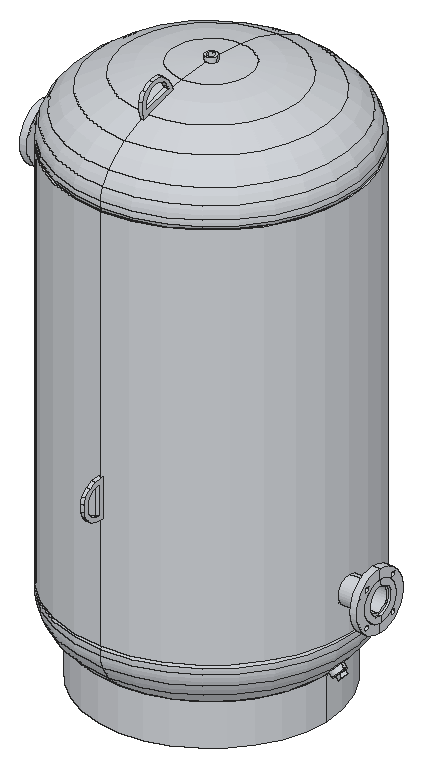
Revit family "HBT-300-3", category Generic Models, Revit 2014
Parameters (values of type "HBT-300-3")
  URL = "http://westank.com/"
  Tank Volume = 300 gal
  Part Number = 55623000
  Model = "HBT-300-3"
  Maximum Shipping Weight = 781 lbf
  Flange Connector Diameter = 3"
  F = 30"
  E = 16 1/2"
  Description = "Description - Wessels ASME 2-Port Hot Water Buffer Tanks (HBT) are designed for use with today’s high efficiency systems that incorporate small modular low-mass boiler."
  D = 15"
  C = 44"
  B = 72"
  A = 36"
Reference planes (in)
  plane 1 "Center (Front/Back)": y = 0
  plane 2: z = 0
  plane 3 "Center (Left/Right)": x = 0
  plane 4: x = -15
  plane 5: x = 15
  plane 6: z = 0
  plane 7: z = 72
  plane 8: x = -18
  plane 9: x = 18
  plane 10: z = 16.5
  plane 11: z = 57
  plane 12: x = -22
  plane 13: x = 22
Forms (in)
  Revolve 1, solid
    sketch origin (0, -0.02461, 0) x (0, 1, 0) y (0, 0, 1)
      loop
        line (-17.97559, 11.40987) -> (-17.77585, 11.40987)
        arc (-17.77585, 11.40987) -> (-17.77901, 11.38745) -> (-17.78675, 11.36617) r 0.10832
        line (-17.78675, 11.36617) -> (-17.97559, 10.97899)
        arc (-17.97559, 10.97899) -> (-17.97692, 10.6034) -> (-17.93634, 10.23002) r 3.36112
        arc (-17.93634, 10.23002) -> (-17.83534, 9.45516) -> (-17.56075, 8.72359) r 3.4127
        arc (-17.56075, 8.72359) -> (-17.14884, 7.91952) -> (-16.63227, 7.17835) r 6.68364
        arc (-16.63227, 7.17835) -> (-15.41449, 5.9118) -> (-13.99078, 4.88214) r 9.83519
        arc (-13.99078, 4.88214) -> (-12.33964, 3.99029) -> (-10.62031, 3.23825) r 22.63963
        arc (-10.62031, 3.23825) -> (-7.74153, 2.33452) -> (-4.76815, 1.82164) r 22.63963
        arc (-4.76815, 1.82164) -> (-2.37465, 1.61295) -> (0.02461, 1.4865) r 70.02787
        line (0.02461, 1.4865) -> (0.02461, 1.65848)
        arc (0.02461, 1.65848) -> (-2.3657, 1.78462) -> (-4.75028, 1.99258) r 69.85599
        arc (-4.75028, 1.99258) -> (-7.70109, 2.50157) -> (-10.55801, 3.39844) r 22.46775
        arc (-10.55801, 3.39844) -> (-12.26429, 4.14477) -> (-13.9029, 5.02985) r 22.46775
        arc (-13.9029, 5.02985) -> (-15.30173, 6.04151) -> (-16.49823, 7.28593) r 9.66331
        arc (-16.49823, 7.28593) -> (-17.00303, 8.01057) -> (-17.40515, 8.79685) r 6.51177
        arc (-17.40515, 8.79685) -> (-17.66943, 9.50016) -> (-17.76465, 10.24543) r 3.24083
        arc (-17.76465, 10.24543) -> (-17.80397, 10.58906) -> (-17.80585, 10.93493) r 3.18924
        line (-17.80585, 10.93493) -> (-17.63227, 11.29083)
        arc (-17.63227, 11.29083) -> (-17.60804, 11.35818) -> (-17.59889, 11.42917) r 0.33041
        line (-17.59889, 11.42917) -> (-17.80365, 11.42917) -> (-17.80365, 62.07314) -> (-17.59889, 62.07314)
        arc (-17.59889, 62.07314) -> (-17.60804, 62.14413) -> (-17.63227, 62.21149) r 0.33041
        line (-17.63227, 62.21149) -> (-17.80585, 62.56739)
        arc (-17.80585, 62.56739) -> (-17.80397, 62.91325) -> (-17.76465, 63.25688) r 3.18924
        arc (-17.76465, 63.25688) -> (-17.66943, 64.00215) -> (-17.40515, 64.70547) r 3.24083
        arc (-17.40515, 64.70547) -> (-17.00303, 65.49175) -> (-16.49823, 66.21639) r 6.51177
        arc (-16.49823, 66.21639) -> (-15.30173, 67.4608) -> (-13.9029, 68.47247) r 9.66331
        arc (-13.9029, 68.47247) -> (-12.26429, 69.35755) -> (-10.55801, 70.10388) r 22.46775
        arc (-10.55801, 70.10388) -> (-7.70109, 71.00074) -> (-4.75028, 71.50973) r 22.46775
        arc (-4.75028, 71.50973) -> (-2.3657, 71.71769) -> (0.02461, 71.84383) r 69.85599
        line (0.02461, 71.84383) -> (0.02461, 72.01582)
        arc (0.02461, 72.01582) -> (-2.37465, 71.88936) -> (-4.76815, 71.68068) r 70.02787
        arc (-4.76815, 71.68068) -> (-7.74153, 71.16779) -> (-10.62031, 70.26407) r 22.63963
        arc (-10.62031, 70.26407) -> (-12.33964, 69.51203) -> (-13.99078, 68.62018) r 22.63963
        arc (-13.99078, 68.62018) -> (-15.41449, 67.59052) -> (-16.63227, 66.32397) r 9.83519
        arc (-16.63227, 66.32397) -> (-17.14884, 65.58279) -> (-17.56075, 64.77872) r 6.68364
        arc (-17.56075, 64.77872) -> (-17.83534, 64.04715) -> (-17.93634, 63.2723) r 3.4127
        arc (-17.93634, 63.2723) -> (-17.97692, 62.89891) -> (-17.97559, 62.52332) r 3.36112
        line (-17.97559, 62.52332) -> (-17.78675, 62.13614)
        arc (-17.78675, 62.13614) -> (-17.77901, 62.11486) -> (-17.77585, 62.09244) r 0.10832
        line (-17.77585, 62.09244) -> (-17.97559, 62.09244) -> (-17.97559, 11.40987)
      axis (0.02461, 1.4865) -> (0.02461, 72.01582)
    angle from 0 to 360
  Revolve 2, solid
    sketch origin (-2.98639, 0, 41.50063) x (-1, 0, 0) y (0, 0, 1)
      loop
        line (17.8121, 12.74926) -> (17.8121, 12.37455) -> (18.0621, 12.37455) -> (18.0621, 10.7494) -> (18.9371, 10.7494) -> (18.9371, 11.9994) -> (18.9996, 11.9994) -> (18.9996, 12.74926) -> (17.8121, 12.74926)
      axis (18.9996, 14.49937) -> (17.8121, 14.49937)
    angle from 0 to 360
  Revolve 3, solid
    sketch origin (1.3301, 0, 3.24654) x (0.990017, 0, -0.140951) y (0.140951, 0, 0.990017)
      loop
        line (14.71753, 6.11956) -> (14.66586, 6.1556) -> (14.25436, 5.56561) -> (14.86992, 5.13627) -> (15.24588, 5.6753) -> (15.19462, 5.71106) -> (15.31904, 5.88945) -> (14.80641, 6.24699) -> (14.71753, 6.11956)
      axis (14.25436, 5.56561) -> (14.86992, 5.13627)
    angle from 0 to 360
  Extrusion 4, solid
    sketch origin (16.3437, -180, 7.27869) x (0.681658, 0, 0.731671) y (0, -1, 0)
      loop
        line (-0.16036, -179.52645) -> (-0.95521, -179.68698) -> (-0.79485, -180.48095) -> (0, -180.32042) -> (-0.16036, -179.52645)
    from 1.02698 to 1.52678
  Extrusion 5, solid
    sketch origin (0, -6.04905, 4.9833) x (0, 1, 0) y (0, 0, 1)
      loop
        line (-11.93439, 21.33067) -> (-11.93439, 26.202)
        arc (-11.93439, 26.202) -> (-12.47846, 26.15164) -> (-13.01533, 26.05008) r 5.77422
        arc (-13.01533, 26.05008) -> (-13.49297, 25.89754) -> (-13.94252, 25.67548) r 3.35288
        arc (-13.94252, 25.67548) -> (-14.34081, 25.36666) -> (-14.64962, 24.96837) r 2.0073
        arc (-14.64962, 24.96837) -> (-14.80343, 24.58932) -> (-14.88788, 24.18906) r 2.30742
        arc (-14.88788, 24.18906) -> (-14.91277, 23.77188) -> (-14.88788, 23.3547) r 3.50846
        arc (-14.88788, 23.3547) -> (-14.79412, 22.92876) -> (-14.61961, 22.52904) r 2.24053
        arc (-14.61961, 22.52904) -> (-14.27401, 22.08806) -> (-13.80999, 21.77406) r 1.8078
        arc (-13.80999, 21.77406) -> (-13.34321, 21.55591) -> (-12.84107, 21.44044) r 2.44481
        arc (-12.84107, 21.44044) -> (-12.39043, 21.36326) -> (-11.93439, 21.33067) r 4.65484
      loop
        arc (-12.44611, 25.63929) -> (-12.67227, 25.60073) -> (-12.89654, 25.55235) r 5.2625
        arc (-12.89654, 25.55235) -> (-13.30128, 25.42308) -> (-13.68221, 25.23491) r 2.84116
        arc (-13.68221, 25.23491) -> (-13.97364, 25.01013) -> (-14.20134, 24.72098) r 1.49558
        arc (-14.20134, 24.72098) -> (-14.3163, 24.43235) -> (-14.37979, 24.12821) r 1.7957
        arc (-14.37979, 24.12821) -> (-14.40106, 23.77188) -> (-14.37979, 23.41555) r 2.99674
        arc (-14.37979, 23.41555) -> (-14.30745, 23.08689) -> (-14.17279, 22.77846) r 1.72881
        arc (-14.17279, 22.77846) -> (-13.91552, 22.45353) -> (-13.56884, 22.22643) r 1.29608
        arc (-13.56884, 22.22643) -> (-13.1779, 22.0402) -> (-12.75531, 21.94566) r 1.9331
        arc (-12.75531, 21.94566) -> (-12.60126, 21.91347) -> (-12.44611, 21.88716) r 4.14312
        line (-12.44611, 21.88716) -> (-12.44611, 25.63929)
    from -0.24366 to 0.25634
  Extrusion 6, solid
    sketch origin (0, -28.53332, 53.09576) x (0, 0.284015, -0.95882) y (0, 0.95882, 0.284015)
      loop
        arc (-11.9298, 25.67102) -> (-12.15596, 25.63246) -> (-12.38023, 25.58408) r 5.2625
        arc (-12.38023, 25.58408) -> (-12.78497, 25.45482) -> (-13.16591, 25.26664) r 2.84116
        arc (-13.16591, 25.26664) -> (-13.45733, 25.04186) -> (-13.68503, 24.75271) r 1.49558
        arc (-13.68503, 24.75271) -> (-13.8, 24.46408) -> (-13.86349, 24.15994) r 1.7957
        arc (-13.86349, 24.15994) -> (-13.88475, 23.80361) -> (-13.86349, 23.44728) r 2.99674
        arc (-13.86349, 23.44728) -> (-13.79114, 23.11862) -> (-13.65649, 22.81019) r 1.72881
        arc (-13.65649, 22.81019) -> (-13.39922, 22.48527) -> (-13.05253, 22.25816) r 1.29608
        arc (-13.05253, 22.25816) -> (-12.66159, 22.07193) -> (-12.239, 21.97739) r 1.9331
        arc (-12.239, 21.97739) -> (-12.08496, 21.94521) -> (-11.9298, 21.91889) r 4.14312
        line (-11.9298, 21.91889) -> (-11.9298, 25.67102)
      loop
        line (-11.1798, 21.34267) -> (-11.1798, 26.18132)
        arc (-11.1798, 26.18132) -> (-12.12256, 26.16802) -> (-13.02719, 25.90227) r 3.48194
        arc (-13.02719, 25.90227) -> (-13.54727, 25.6041) -> (-13.99851, 25.20943) r 3.03185
        arc (-13.99851, 25.20943) -> (-14.28248, 24.55653) -> (-14.39992, 23.8543) r 2.91879
        arc (-14.39992, 23.8543) -> (-14.3348, 23.1787) -> (-14.08611, 22.54717) r 2.44012
        arc (-14.08611, 22.54717) -> (-13.716, 22.08641) -> (-13.21844, 21.76749) r 1.83162
        arc (-13.21844, 21.76749) -> (-12.2207, 21.45151) -> (-11.1798, 21.34267) r 5.1769
    from -0.24366 to 0.25634
  Extrusion 7, solid
    sketch origin (0, 0, 0) x (1, 0, 0) y (0, 1, 0)
      loop
        circle (0, 0) r 0.75
      loop
        circle (0, 0) r 0.5
    from 71.36613 to 72.49354
  Extrusion 8, void
    sketch origin (-3.60333, 0.13917, 41.92009) x (0, 1, 0) y (0, 0, -1)
      loop
        circle (1.97118, -16.20314) r 0.37532
      loop
        circle (1.96878, -11.97252) r 0.37532
      loop
        circle (-2.27402, -16.19873) r 0.37532
      loop
        circle (-2.2381, -11.92495) r 0.37532
    from 15.80097 to 20.25
  Extrusion 9, void
    sketch origin (0, 0, 0) x (1, 0, 0) y (0, 1, 0)
      loop
        circle (0, 0) r 0.5
    from 70.90268 to 73.75579
  Revolve 10, solid
    sketch origin (0, 0, 0) x (1, 0, 0) y (0, 0, 1)
      loop
        line (14.82824, 5.43485) -> (14.82824, 0) -> (15, 0) -> (15, 5.43485) -> (14.82824, 5.43485)
      axis (0, 5.43485) -> (0, 0)
    angle from 0 to 360
  Revolve 11, solid
    sketch origin (-3.58795, 0, 41.50258) x (1, 0, 0) y (0, 0, 1)
      loop
        line (-13.89804, 12.96328) -> (-18.02304, 12.96328) -> (-18.02304, 12.74742) -> (-13.89804, 12.74742) -> (-13.89804, 12.96328)
      axis (-18.02304, 14.49742) -> (-13.89804, 14.49742)
    angle from 0 to 360
  Extrusion 12, void
    sketch origin (0, 0, 0.25) x (0, 1, 0) y (0, 0, 1)
      loop
        circle (0, 55.75) r 1.53414
    from -27.93996 to -14.85333
  Revolve 13, solid
    sketch origin (3.00177, 0, 2.00063) x (1, 0, 0) y (0, 0, 1)
      loop
        line (17.8121, 12.74983) -> (17.8121, 12.37455) -> (18.0621, 12.37455) -> (18.0621, 10.7494) -> (18.9371, 10.7494) -> (18.9371, 11.9994) -> (18.9996, 11.9994) -> (18.9996, 12.74983) -> (17.8121, 12.74983)
      axis (18.9996, 14.49937) -> (17.8121, 14.49937)
    angle from 0 to 360
  Revolve 14, solid
    sketch origin (3.60333, 0, 2.00258) x (-1, 0, 0) y (0, 0, 1)
      loop
        line (-13.89804, 12.96328) -> (-18.02304, 12.96328) -> (-18.02304, 12.74742) -> (-13.89804, 12.74742) -> (-13.89804, 12.96328)
      axis (-18.02304, 14.49742) -> (-13.89804, 14.49742)
    angle from 0 to 360
  Extrusion 15, void
    sketch origin (3.60333, 0.13917, 2.42009) x (0, 1, 0) y (0, 0, 1)
      loop
        circle (1.97118, 16.26564) r 0.37532
      loop
        circle (1.96878, 11.91002) r 0.37532
      loop
        circle (-2.27402, 16.26123) r 0.37532
      loop
        circle (-2.3006, 11.84082) r 0.37532
    from 15.80097 to 20.25
  Extrusion 16, void
    sketch origin (39.42487, 0, -39.25551) x (0, 1, 0) y (0, 0, 1)
      loop
        circle (0, 55.75551) r 1.53414
    from -27.93996 to -14.85333
Cuts and joins
  joined: Extrusion 4, Extrusion 5, Extrusion 6, Extrusion 7, Revolve 10
  Extrusion 9, Extrusion 12, Extrusion 15, Extrusion 16 cuts Revolve 1
  Extrusion 8, Extrusion 15, Extrusion 16 cuts Revolve 2
  joined: Revolve 1, Revolve 2
  Extrusion 15 cuts Revolve 13
  Extrusion 16 cuts Revolve 11
Dimensions and locks (in)
  "B": plane 7 to plane 6
  "A": plane 9 to plane 8
  equal spacing: plane 12, plane 3 "Center (Left/Right)", plane 13
  "C": plane 12 to plane 13
  "E": plane 10 to plane 6
  "D": plane 7 to plane 11
  "F": plane 5 to plane 4
  aligned and locked: plane 2 to level
Automatic sketch dimensions
  Revolve 1 sketch curve to Revolve 1 sketch curve = 0"  (x56)
  Revolve 1 sketch curve to plane 1 "Center (Front/Back)" = 0"  (x3)
  plane 1 "Center (Front/Back)" to Revolve 1 sketch curve = 2.43969"  (x2)
  Revolve 1 sketch curve to plane 10 = 3.16549"
  plane 1 "Center (Front/Back)" to Revolve 1 sketch curve = 8.98663"  (x2)
  plane 11 to Revolve 1 sketch curve = 3.16781"
  Revolve 1 sketch curve to Revolve 1 sketch curve = 2.45782"  (x2)
  Revolve 1 sketch curve to Revolve 1 sketch curve = 3.10417"  (x2)
  Revolve 1 sketch curve to Revolve 1 sketch curve = 0.0964"  (x2)
  Revolve 1 sketch curve to Revolve 1 sketch curve = 2.97849"  (x2)
  plane 11 to Revolve 1 sketch curve = 5.21149"
  Revolve 1 sketch curve to Revolve 1 sketch curve = 0.03338"  (x2)
  Revolve 1 sketch curve to plane 10 = 5.20917"
  Revolve 1 sketch curve to Revolve 1 sketch curve = 0.17696"  (x2)
  Revolve 1 sketch curve to plane 10 = 5.13383"
  Revolve 1 sketch curve to Revolve 1 sketch curve = 0.0109"  (x2)
  plane 11 to Revolve 1 sketch curve = 5.13614"
  Revolve 1 sketch curve to Revolve 1 sketch curve = 0.0278"
  plane 11 to Revolve 1 sketch curve = 5.56739"
  Revolve 1 sketch curve to Revolve 1 sketch curve = 0.17358"  (x2)
  Revolve 1 sketch curve to plane 10 = 5.56507"
  Revolve 1 sketch curve to Revolve 1 sketch curve = 0.08045"  (x2)
  Revolve 1 sketch curve to Revolve 1 sketch curve = 0.04514"  (x2)
  Revolve 1 sketch curve to Revolve 1 sketch curve = 0.04635"
  Revolve 1 sketch curve to plane 10 = 5.52101"
  Revolve 1 sketch curve to Revolve 1 sketch curve = 0.16974"  (x2)
  plane 11 to Revolve 1 sketch curve = 5.52332"
  Revolve 1 sketch curve to plane 7 = 0.52976"
  Revolve 1 sketch curve to plane 1 "Center (Front/Back)" = 2.48565"  (x2)
  Revolve 1 sketch curve to Revolve 1 sketch curve = 0.51151"
  Revolve 1 sketch curve to Revolve 1 sketch curve = 0.49854"  (x2)
  level to Revolve 1 sketch curve = 2.03208"
  level to Revolve 1 sketch curve = 1.65848"
  Revolve 1 sketch curve to Revolve 1 sketch curve = 0.17198"
  Revolve 1 sketch curve to Revolve 1 sketch curve = 1 249/256"  (x2)
  Revolve 1 sketch curve to Revolve 1 sketch curve = 0.0437"
  Revolve 1 sketch curve to Revolve 1 sketch curve = 0.0193"
  plane 10 to Revolve 1 sketch curve = 7.83865"
  Revolve 1 sketch curve to plane 11 = 7.83634"
  Revolve 1 sketch curve to Revolve 1 sketch curve = 0.0695"
  Revolve 1 sketch curve to Revolve 1 sketch curve = 0.02202"
  Revolve 1 sketch curve to Revolve 1 sketch curve = 0.64986"
  Revolve 1 sketch curve to plane 7 = 0.15617"
  plane 7 to Revolve 1 sketch curve = 0.01582"
  Revolve 1 sketch curve to plane 7 = 1.89612"
  level to Revolve 1 sketch curve = 3 51/128"
  Revolve 1 sketch curve to Revolve 1 sketch curve = 0.06229"  (x2)
  Revolve 1 sketch curve to Revolve 1 sketch curve = 0.90692"  (x2)
  Revolve 1 sketch curve to Revolve 1 sketch curve = 0.1556"  (x2)
  Revolve 1 sketch curve to Revolve 1 sketch curve = 4.55443"
  Revolve 1 sketch curve to Revolve 1 sketch curve = 3 3/4"
  plane 12 to Revolve 2 sketch curve = 1.20151"
  plane 12 to Revolve 2 sketch curve = 0.95151"
  plane 12 to Revolve 2 sketch curve = 0.07651"
  plane 12 to Revolve 2 sketch curve = 0.01401"
  plane 11 to Revolve 2 sketch curve = 4.74997"
  Revolve 2 sketch curve to Revolve 2 sketch curve = 1 1/4"
  Revolve 2 sketch curve to Revolve 2 sketch curve = 0.37515"
  Revolve 2 sketch curve to Revolve 2 sketch curve = 0.37471"
  Revolve 2 sketch curve to plane 8 = 0.59331"
  Revolve 2 sketch curve to Revolve 2 sketch curve = 0.68278"
  plane 11 to Revolve 2 sketch curve = 1"
  plane 5 to Revolve 3 sketch curve = 1.22663"
  level to Revolve 3 sketch curve = 6.74742"
  Revolve 3 sketch curve to Revolve 3 sketch curve = 0.4115"
  Revolve 3 sketch curve to Revolve 3 sketch curve = 0.05167"
  Revolve 3 sketch curve to Revolve 3 sketch curve = 0.08888"
  Revolve 3 sketch curve to Revolve 3 sketch curve = 0.61556"
  Revolve 3 sketch curve to Revolve 3 sketch curve = 0.47709"
  Revolve 3 sketch curve to Revolve 3 sketch curve = 0.05126"
  Revolve 3 sketch curve to Revolve 3 sketch curve = 0.42934"
  Revolve 3 sketch curve to Revolve 3 sketch curve = 0.12768"
  Revolve 3 sketch curve to Revolve 3 sketch curve = 0"  (x2)
  Revolve 3 sketch curve to Revolve 3 sketch curve = 0.08905"
  plane 1 "Center (Front/Back)" to Extrusion 4 sketch curve = 0.31302"
  Extrusion 4 sketch curve to plane 1 "Center (Front/Back)" = 0.48095"
  Extrusion 4 sketch curve to Extrusion 4 sketch curve = 0.16036"  (x2)
  plane 1 "Center (Front/Back)" to Extrusion 4 sketch curve = 0.47355"
  Extrusion 4 sketch curve to Extrusion 4 sketch curve = 0.79485"
  Extrusion 4 sketch curve to plane 1 "Center (Front/Back)" = 0.32042"
  Extrusion 5 sketch curve to Extrusion 5 sketch curve = 0"  (x24)
  plane 1 "Center (Front/Back)" to Extrusion 5 sketch curve = 19.09014"
  Extrusion 5 sketch curve to Extrusion 5 sketch curve = 0.11966"
  Extrusion 5 sketch curve to Extrusion 5 sketch curve = 0.25819"
  Extrusion 5 sketch curve to Extrusion 5 sketch curve = 17/256"
  Extrusion 5 sketch curve to Extrusion 5 sketch curve = 0.04958"
  Extrusion 5 sketch curve to Extrusion 5 sketch curve = 0.15073"
  Extrusion 5 sketch curve to Extrusion 5 sketch curve = 0.20915"
  Extrusion 5 sketch curve to Extrusion 5 sketch curve = 131/256"
  Extrusion 5 sketch curve to Extrusion 5 sketch curve = 0.10338"
  Extrusion 5 sketch curve to Extrusion 5 sketch curve = 0.25955"
  Extrusion 5 sketch curve to Extrusion 5 sketch curve = 1.14294"
  plane 10 to Extrusion 5 sketch curve = 8.91692"
  Extrusion 5 sketch curve to Extrusion 5 sketch curve = 0.89706"
  Extrusion 5 sketch curve to Extrusion 5 sketch curve = 0.55648"
  Extrusion 5 sketch curve to Extrusion 5 sketch curve = 0.90165"
  Extrusion 5 sketch curve to Extrusion 5 sketch curve = 0.62139"
  Extrusion 5 sketch curve to Extrusion 5 sketch curve = 27/128"
  Extrusion 5 sketch curve to Extrusion 5 sketch curve = 0.15076"
  Extrusion 5 sketch curve to Extrusion 5 sketch curve = 0.24641"
  Extrusion 5 sketch curve to Extrusion 5 sketch curve = 0.04716"
  Extrusion 5 sketch curve to Extrusion 5 sketch curve = 0.0326"
  Extrusion 5 sketch curve to Extrusion 5 sketch curve = 1.7246"
  Extrusion 5 sketch curve to Extrusion 5 sketch curve = 0.34507"
  Extrusion 5 sketch curve to Extrusion 5 sketch curve = 0.21764"
  Extrusion 5 sketch curve to Extrusion 5 sketch curve = 1.12273"
  Extrusion 5 sketch curve to Extrusion 5 sketch curve = 0.78568"
  Extrusion 5 sketch curve to Extrusion 5 sketch curve = 0.24115"
  Extrusion 5 sketch curve to Extrusion 5 sketch curve = 0.2603"
  Extrusion 5 sketch curve to Extrusion 5 sketch curve = 0.60395"
  Extrusion 5 sketch curve to Extrusion 5 sketch curve = 0.51913"
  Extrusion 5 sketch curve to Extrusion 5 sketch curve = 0.44682"
  Extrusion 5 sketch curve to Extrusion 5 sketch curve = 0.44829"
  Extrusion 7 sketch curve to Extrusion 7 sketch curve = 0"  (x2)
  plane 1 "Center (Front/Back)" to Extrusion 7 sketch curve = 0"
  Extrusion 7 sketch curve to plane 3 "Center (Left/Right)" = 0"
  plane 1 "Center (Front/Back)" to Extrusion 8 sketch curve = 2.13485"
  plane 1 "Center (Front/Back)" to Extrusion 8 sketch curve = 2.09893"
  Extrusion 8 sketch curve to plane 1 "Center (Front/Back)" = 2.10795"
  Extrusion 8 sketch curve to plane 1 "Center (Front/Back)" = 2.11035"
  plane 11 to Extrusion 8 sketch curve = 1.12323"
  plane 11 to Extrusion 8 sketch curve = 1.11883"
  Extrusion 8 sketch curve to plane 11 = 3.10739"
  Extrusion 8 sketch curve to plane 11 = 3.15495"
  Extrusion 9 sketch curve to Extrusion 9 sketch curve = 0"  (x2)
  plane 1 "Center (Front/Back)" to Extrusion 9 sketch curve = 0"
  Extrusion 9 sketch curve to plane 3 "Center (Left/Right)" = 0"
  Extrusion 9 sketch curve to plane 3 "Center (Left/Right)" = 1/2"
  Revolve 10 sketch curve to plane 3 "Center (Left/Right)" = 0"
  Revolve 10 sketch curve to level = 0"
  Revolve 10 sketch curve to plane 5 = 0"
  Revolve 10 sketch curve to plane 5 = 0.17176"
  level to Revolve 10 sketch curve = 5.43485"
  level to Revolve 10 sketch curve = 4.69941"
  Revolve 10 sketch curve to Revolve 10 sketch curve = 1"
  Revolve 11 sketch curve to plane 12 = 0.38901"
  plane 8 to Revolve 11 sketch curve = 0.51401"
  Revolve 11 sketch curve to plane 11 = 2 3/4"
  Revolve 11 sketch curve to Revolve 11 sketch curve = 0.21586"
  Revolve 11 sketch curve to plane 8 = 0.15872"
  plane 8 to Revolve 11 sketch curve = 0.20143"
  Revolve 11 sketch curve to plane 11 = 1"
  Extrusion 12 sketch curve to Extrusion 12 sketch curve = 0"  (x2)
  Extrusion 12 sketch curve to plane 1 "Center (Front/Back)" = 0"
  Extrusion 12 sketch curve to plane 11 = 1"
  Extrusion 12 sketch curve to Extrusion 12 sketch curve = 1.53414"
  Revolve 14 sketch curve to plane 10 = 0"
  Revolve 14 sketch curve to plane 13 = 0.37363"
  plane 9 to Revolve 14 sketch curve = 0.49863"
  plane 10 to Revolve 14 sketch curve = 1.53414"
  Revolve 14 sketch curve to Revolve 14 sketch curve = 0.21586"
  Revolve 14 sketch curve to plane 9 = 0.1741"
  plane 9 to Revolve 14 sketch curve = 0.18605"
  plane 1 "Center (Front/Back)" to Extrusion 15 sketch curve = 2.16143"
  plane 1 "Center (Front/Back)" to Extrusion 15 sketch curve = 2.13485"
  Extrusion 15 sketch curve to plane 1 "Center (Front/Back)" = 2.10795"
  Extrusion 15 sketch curve to plane 1 "Center (Front/Back)" = 2.11035"
  Extrusion 15 sketch curve to plane 10 = 2.16989"
  Extrusion 15 sketch curve to plane 10 = 2.23908"
  plane 10 to Extrusion 15 sketch curve = 2.18133"
  plane 10 to Extrusion 15 sketch curve = 2.18573"
  Extrusion 16 sketch curve to Extrusion 16 sketch curve = 0"  (x2)
  Extrusion 16 sketch curve to plane 1 "Center (Front/Back)" = 0"
  Extrusion 16 sketch curve to plane 10 = 0"
  Extrusion 16 sketch curve to Extrusion 16 sketch curve = 1.53414"
  Revolve 13 sketch curve to plane 10 = 0"
  plane 13 to Revolve 13 sketch curve = 1.18613"
  plane 13 to Revolve 13 sketch curve = 0.93613"
  plane 13 to Revolve 13 sketch curve = 0.06113"
  Revolve 13 sketch curve to plane 13 = 0.00137"
  Revolve 13 sketch curve to plane 10 = 1.74953"
  Revolve 13 sketch curve to Revolve 13 sketch curve = 0.37529"
  Revolve 13 sketch curve to Revolve 13 sketch curve = 0.75044"
  Revolve 13 sketch curve to Revolve 13 sketch curve = 1 1/4"
  Revolve 13 sketch curve to plane 9 = 0.57793"
  Revolve 13 sketch curve to Revolve 13 sketch curve = 0.68278"
  Extrusion 6 sketch curve to plane 7 = 0.23736"
  plane 1 "Center (Front/Back)" to Extrusion 6 sketch curve = 9.61397"
  Extrusion 6 sketch curve to Extrusion 6 sketch curve = 0.03301"
  Extrusion 6 sketch curve to Extrusion 6 sketch curve = 0.08665"
  Extrusion 6 sketch curve to Extrusion 6 sketch curve = 0.34483"
  Extrusion 6 sketch curve to Extrusion 6 sketch curve = 17/256"
  Extrusion 6 sketch curve to Extrusion 6 sketch curve = 0.04958"
  Extrusion 6 sketch curve to Extrusion 6 sketch curve = 0.06885"
  Extrusion 6 sketch curve to Extrusion 6 sketch curve = 0.15073"
  Extrusion 6 sketch curve to Extrusion 6 sketch curve = 0.36028"
  Extrusion 6 sketch curve to Extrusion 6 sketch curve = 0.06601"
  Extrusion 6 sketch curve to Extrusion 6 sketch curve = 0.11815"
  Extrusion 6 sketch curve to Extrusion 6 sketch curve = 0.47821"
  Extrusion 6 sketch curve to Extrusion 6 sketch curve = 0.6151"
  Extrusion 6 sketch curve to Extrusion 6 sketch curve = 0.1349"
  Extrusion 6 sketch curve to Extrusion 6 sketch curve = 0.01521"
  Extrusion 6 sketch curve to Extrusion 6 sketch curve = 0.02126"
  Extrusion 6 sketch curve to Extrusion 6 sketch curve = 0.59588"
  Extrusion 6 sketch curve to Extrusion 6 sketch curve = 0.3061"
  Extrusion 6 sketch curve to Extrusion 6 sketch curve = 0.31529"
  Extrusion 6 sketch curve to Extrusion 6 sketch curve = 0.0954"
  Extrusion 6 sketch curve to Extrusion 6 sketch curve = 0.80625"
  Extrusion 6 sketch curve to Extrusion 6 sketch curve = 0.57623"
  Extrusion 6 sketch curve to Extrusion 6 sketch curve = 0.87732"
  Extrusion 6 sketch curve to Extrusion 6 sketch curve = 0.00686"
  Extrusion 6 sketch curve to Extrusion 6 sketch curve = 0.20406"
  Extrusion 6 sketch curve to Extrusion 6 sketch curve = 0.59172"
  Extrusion 6 sketch curve to Extrusion 6 sketch curve = 0.09548"
  Extrusion 6 sketch curve to Extrusion 6 sketch curve = 0.07607"
  Extrusion 6 sketch curve to Extrusion 6 sketch curve = 0.15093"
  Extrusion 6 sketch curve to Extrusion 6 sketch curve = 0.04716"
  Extrusion 6 sketch curve to Extrusion 6 sketch curve = 0.0326"
  Extrusion 6 sketch curve to Extrusion 6 sketch curve = 1.7246"
  Extrusion 6 sketch curve to Extrusion 6 sketch curve = 0.34507"
  Extrusion 6 sketch curve to Extrusion 6 sketch curve = 0.16523"
  Extrusion 6 sketch curve to Extrusion 6 sketch curve = 0.33822"
  Extrusion 6 sketch curve to Extrusion 6 sketch curve = 0"  (x6)
  Extrusion 6 sketch curve to Extrusion 6 sketch curve = 0.1659"
  Extrusion 6 sketch curve to Extrusion 6 sketch curve = 0.13872"
  Extrusion 6 sketch curve to Extrusion 6 sketch curve = 0.42962"
  Extrusion 6 sketch curve to Extrusion 6 sketch curve = 0.51913"
  Extrusion 6 sketch curve to Extrusion 6 sketch curve = 0.31348"
  radius of Extrusion 7 sketch curve = 3/4"
  radius of Extrusion 7 sketch curve = 1/2"
  radius of Extrusion 8 sketch curve = 0.37532"  (x4)
  radius of Extrusion 15 sketch curve = 0.37532"  (x4)
Connectors (in)
  piping at (22.00137, 0, 16.5), diameter 3, driven by "Flange Connector Diameter"
    settings: on Revolve 13, index 1, connector inside diameter 24", connector length 0", flow factor 0, pipe flow 0 GPM, pressure drop 0.00 psi, fitting loss kfactor 0, connector angle 0.00°, fixture units 0, engagement length 0", angle of deflection 0.00°, flow configuration 0, flow direction 0, fitting loss method 0, system type 7, joint type 0, gender type 0, connector reference index -1, connector utility 0, adjustable connector no, is connector primary yes, connector description ""
  piping at (-21.98599, 0, 56), diameter 3, driven by "Flange Connector Diameter"
    settings: on Revolve 2, index 2, connector inside diameter 24", connector length 0", flow factor 0, pipe flow 0 GPM, pressure drop 0.00 psi, fitting loss kfactor 0, connector angle 0.00°, fixture units 0, engagement length 0", angle of deflection 0.00°, flow configuration 0, flow direction 0, fitting loss method 0, system type 7, joint type 0, gender type 0, connector reference index -1, connector utility 0, adjustable connector no, is connector primary no, connector description ""
